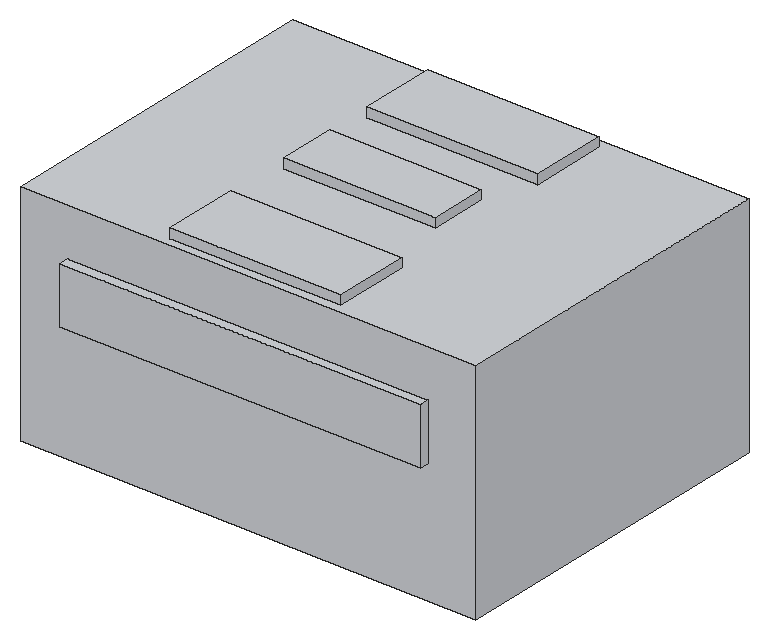
Revit family "f1bd112cc83e45fa95c16d811e96bab6", category Air Terminals, Revit 2021
Family settings
  Round Connector Dimension = Use Diameter
  Part Type = Normal
  OmniClass Number = 23.40.40.14.21.11
  OmniClass Title = Food Service Hoods
  Seek Item ID = Grease Hood - Front Discharge - Compensating - Island-0000-USA-ENU
  Work Plane-Based = No
  Always vertical = Yes
  Cut with Voids When Loaded = No
  Shared = No
  Room Calculation Point = No
Parameters (values of type "Standard")
  Voltage = 120 V
  Supply Pressure Drop [instance] = 0.25 in-wg
  Supply Air Width [instance] = 18"
  Supply Air Height [instance] = 8"
  Supply Air Flow [instance] = 1250 CFM
  Number of Poles = 1
  Load Classification = Cooling
  Hood Width [instance] = 3' - 0"
  Hood Material = none
  Hood Length [instance] = 4' - 0"
  Hood Height [instance] = 2' - 0"
  Half Hood Width [instance] = 0.5 * Hood Width  # 1' - 6"
  Exhaust Pressure Drop [instance] = 0.55 in-wg
  Exhaust Air Width [instance] = 16"
  Exhaust Air Height [instance] = 6"
  Exhaust Air Flow [instance] = 50 FPM * Hood Width * Hood Length  # 600 CFM
  built-in parameter 1154647 = 0' - 0"
  Default Elevation [instance] = 3' - 0"
  C3 Offset 2 [instance] = 1' - 3"
  C3 Offset 1 [instance] = 1' - 4"
  C1 Offset 2 [instance] = 1' - 3"
  C1 Offset 1 [instance] = 0' - 1"
  Apparent Load [instance] = 65.00 W/ft² * Hood Width * Hood Length  # 780 VA
Reference planes (in)
  plane 1 "Center (Front/Back)": y = 0
  plane 2: z = 0
  plane 3 "Center (Left/Right)": x = 0
  plane 4: x = -24
  plane 5: x = 24
  plane 6: y = 18
  plane 7: y = -18
  plane 8: z = 36
  plane 9: z = 60
  plane 10: z = 35
  plane 11: z = 55
  plane 12: z = 49
  plane 13: x = -19
  plane 14: x = 19
  plane 15: z = 61
  plane 16: y = 19
  plane 17: y = -19
  plane 18: x = -9
  plane 19: x = -9
  plane 20: x = -9
  plane 21: y = -17
  plane 22: y = 17
  plane 23: y = -2
Forms (in)
  Extrusion 1, solid, material <- "Hood Material"
    sketch origin (0, 0, 0) x (1, 0, 0) y (0, 1, 0)
      loop
        line (-24, 18) -> (-24, -18) -> (24, -18) -> (24, 18) -> (-24, 18)
    from 36 to 60
  Extrusion 2, solid, material <- "Hood Material"
    sketch origin (0, 0, 0) x (1, 0, 0) y (0, 1, 0)
      loop
        line (-9, 17) -> (-9, 9) -> (9, 9) -> (9, 17) -> (-9, 17)
      loop
        line (-9, -17) -> (9, -17) -> (9, -9) -> (-9, -9) -> (-9, -17)
      loop
        line (-9, -2) -> (7, -2) -> (7, 4) -> (-9, 4) -> (-9, -2)
    from 60 to 61
  Extrusion 3, solid, material <- "Hood Material"
    sketch origin (0, 0, 0) x (1, 0, 0) y (0, 0, 1)
      loop
        line (19, 55) -> (-19, 55) -> (-19, 49) -> (19, 49) -> (19, 55)
    from -19 to -18
  Extrusion 4, solid, material <- "Hood Material"
    sketch origin (0, 0, 0) x (1, 0, 0) y (0, 0, 1)
      loop
        line (-19, 55) -> (-19, 49) -> (19, 49) -> (19, 55) -> (-19, 55)
    from 18 to 19
Cuts and joins
  joined: Extrusion 1, Extrusion 2, Extrusion 3, Extrusion 4
Dimensions and locks (in)
  equal spacing: plane 4, plane 3 "Center (Left/Right)", plane 5
  equal spacing: plane 6, plane 1 "Center (Front/Back)", plane 7
  "Hood Length": plane 4 to plane 5
  "Hood Width": plane 6 to plane 7
  "Default Elevation": plane 8 to plane 2
  locked: plane 8 to plane 10 at 1
  "Hood Height": plane 9 to plane 8
  locked: plane 9 to plane 11 at 5
  locked: plane 11 to plane 12 at 6
  locked: plane 13 to plane 4 at 5
  locked: plane 5 to plane 14 at 5
  locked: plane 15 to plane 9 at 1
  locked: plane 16 to plane 6 at 1
  locked: plane 7 to plane 17 at 1
  "C1 Offset 2": plane 4 to plane 18
  "C1 Offset 2": plane 4 to plane 19
  "C3 Offset 2": plane 4 to plane 20
  "C1 Offset 1": plane 21 to plane 7
  "C1 Offset 1": plane 6 to plane 22
  "C3 Offset 1": plane 23 to plane 7
  "Supply Air Width": Extrusion 2 sketch curve to Extrusion 2 sketch curve  (x2)
  "Supply Air Height": Extrusion 2 sketch curve to Extrusion 2 sketch curve  (x2)
  "Exhaust Air Width": Extrusion 2 sketch curve to Extrusion 2 sketch curve
  "Exhaust Air Height": Extrusion 2 sketch curve to Extrusion 2 sketch curve
  locked: plane 4 to connector elem at 6
  "Half Hood Width": connector elem to plane 6
  aligned and locked: plane 4 to Extrusion 1 sketch curve
  aligned and locked: Extrusion 1 sketch curve to plane 6
  aligned and locked: plane 7 to Extrusion 1 sketch curve
  aligned and locked: Extrusion 1 sketch curve to plane 5
  aligned and locked: plane 2 to level
  aligned and locked: Extrusion 1 to plane 8
  aligned and locked: plane 9 to Extrusion 1
  aligned and locked: Extrusion 2 sketch curve to plane 22
  aligned and locked: Extrusion 2 sketch curve to plane 18
  aligned and locked: Extrusion 2 sketch curve to plane 20
  aligned and locked: Extrusion 2 sketch curve to plane 21
  aligned and locked: Extrusion 2 sketch curve to plane 19
  aligned and locked: plane 15 to Extrusion 2
  aligned and locked: Extrusion 2 to plane 9
  aligned and locked: Extrusion 3 sketch curve to plane 14
  aligned and locked: plane 13 to Extrusion 3 sketch curve
  aligned and locked: Extrusion 3 sketch curve to plane 11
  aligned and locked: plane 12 to Extrusion 3 sketch curve
  aligned and locked: plane 16 to Extrusion 3
  aligned and locked: Extrusion 3 to plane 6
  aligned and locked: Extrusion 4 sketch curve to Extrusion 3  (x3)
  aligned and locked: Extrusion 3 to Extrusion 4 sketch curve
  aligned and locked: Extrusion 4 to plane 17
  aligned and locked: plane 7 to Extrusion 4
Automatic sketch dimensions
  Extrusion 2 sketch curve to plane 23 = 0' - 0"
Connectors (in)
  hvac at (0, 13, 61), driven by "Supply Pressure Drop", driven by "Supply Air Flow", driven by "Supply Air Height", driven by "Supply Air Width"
    settings: on Extrusion 2, index 1, duct flow 1250 CFM, flow factor 0, pres drop 0.25 in-wg, loss coef 0, conn angle 0.00°, conn width 18", conn height 8", conn diameter 24", duct sys type 1, conn prof type 1, flow config 1, flow direction 1, loss method 4, conn ref index -1, conn util no, is conn primary no, conn desc ""
  hvac at (0, -13, 61), driven by "Supply Pressure Drop", driven by "Supply Air Flow", driven by "Supply Air Height", driven by "Supply Air Width"
    settings: on Extrusion 2, index 2, duct flow 1250 CFM, flow factor 0, pres drop 0.25 in-wg, loss coef 0, conn angle 0.00°, conn width 18", conn height 8", conn diameter 24", duct sys type 1, conn prof type 1, flow config 1, flow direction 1, loss method 4, conn ref index -1, conn util no, is conn primary no, conn desc ""
  hvac at (-1, 1, 61), driven by "Exhaust Pressure Drop", driven by "Exhaust Air Flow", driven by "Exhaust Air Height", driven by "Exhaust Air Width"
    settings: on Extrusion 2, index 3, duct flow 600 CFM, flow factor 0, pres drop 0.55 in-wg, loss coef 0, conn angle 0.00°, conn width 16", conn height 6", conn diameter 24", duct sys type 3, conn prof type 1, flow config 1, flow direction 2, loss method 4, conn ref index -1, conn util no, is conn primary yes, conn desc ""
  electrical at (-18, 0, 60), driven by "Apparent Load", driven by "Voltage", driven by "Number of Poles", driven by "Load Classification"
    settings: on Extrusion 1, index 4, voltage 120 V, apparent load 780 VA, apparent load phase1 0 VA, apparent load phase2 0 VA, apparent load phase3 0 VA, power factor 0.8, load classification "Cooling", number of poles 1, system type 30, power factor state 1, is connector primary yes, connector utility no, sub classification motor no, connector description ""
